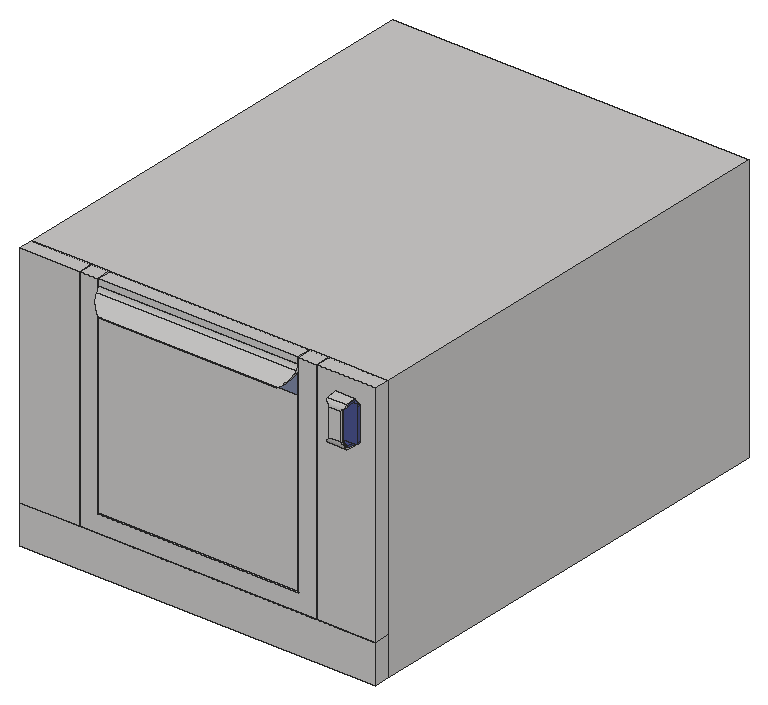
Revit family "QF_ELECTROLUXPROFESSIONAL_588656_MB4CCAFOAO", category Attrezzature speciali, Revit 2020
Family settings
  Quota connettore circolare = Usa diametro
  Tipo di parte = Normale
  Basato su piano di lavoro = No
  Sempre verticale = Sì
  Taglio con vuoti quando caricato = No
  Condiviso = No
  Punto di calcolo locali = No
Parameters (values of type "Standard")
  Weight = 23.00 kg
  Watts = 1000 W
  Volts = 400 V
  URL Manufacturer = "https://www.electroluxprofessional.com/"
  URL = "https://www.electroluxprofessional.com/"
  Steam Supply Size = 0"
  Steam Supply Minimum Pressure = 0.00 psi
  Steam Supply Maximum Pressure = 0.00 psi
  Steam Consumption per Hour = 0
  Refrigeration Suction Line Size = 0 mm
  Refrigeration Liquid Line Size = 0 mm
  Refrigerant Compressor Remote = yes
  Prospetto di default = 0 mm
  Phase = 3
  Modello = "MB4CCAFOAO"
  Produttore = "Electrolux Professional"
  Length Actual = 600 mm  # constant formula
  Item Number = "588656"
  Hot Water Size = 0"
  Height Actual = 450 mm  # constant formula
  HP = "1.3 HP"
  Gas Size = 0"
  Gas KW = 0
  Gas Input Pressure = 0.0 Btu/h
  Direct Waste Size = 0"
  Descrizione = "EL.WARMING CAB,GN,1 DOOR,1S,600X850X450H"
  Depth Actual = 850 mm  # constant formula
  Cycle = 50 Hz
  Condensate Return Size = 0"
  Compressed Air Volume = 0 GPM
  Compressed Air Size = 0"
  Compressed Air Pressure = 0.00 psi
  Cold Water Size = 0"
  Accessory = yes
Reference planes
  plane 1 "BACK": y = 0
  plane 2: z = 0
  plane 3 "LEFT": x = 0
  plane 4 "RIGHT": x = 600
  plane 5 "FRONT": y = -850
  plane 6 "PLAIN": z = 900
  plane 7 "Center (Left/Right)": x = 300
  plane 8 "Center (Front/Back)": y = -425
  plane 9 "TOP": z = 650
  plane 10 "BASE": z = 200
  plane 11: x = 522
  plane 12: x = 78
  plane 13 "Feet_back": y = -150
  plane 14 "Feet_Front": y = -720
  plane 15: x = 100
  plane 16: x = 500
  plane 17: z = 265
  plane 18: y = -45
  plane 19: y = -805
  plane 20: y = -70
  plane 21: y = -830
  plane 22 "ButtonX": x = 550
  plane 23 "ButtonZ": z = 590
  plane 24 "EIy": y = -537.367
  plane 25 "EIx": x = 579.018
Forms (mm)
  Extrusion 1, solid, material "QF_Finishes_Stainless Steel"
    sketch origin (0, 0, 650) x (0, 1, 0) y (0, 0, 1)
      loop
        line (-45, -450) -> (-45, 0) -> (-805, 0) -> (-805, -450) -> (-45, -450)
    from 0 to 600
  Extrusion 2, solid, material "QF_Finishes_Stainless Steel"
    sketch origin (0, 0, 650) x (0, 1, 0) y (0, 0, 1)
      loop
        line (-830, -450) -> (-805, -450) -> (-805, -385) -> (-830, -385) -> (-830, -450)
    from 0 to 600
  Extrusion 3, void
    sketch origin (0, -850, 0) x (1, 0, 0) y (0, 0, 1)
      loop
        line (100, 650) -> (100, 265) -> (500, 265) -> (500, 650) -> (100, 650)
    from 0 to -780
  Extrusion 4, solid, material "QF_Finishes_Stainless Steel"
    sketch origin (0, -850, 0) x (1, 0, 0) y (0, 0, 1)
      loop
        line (130, 650) -> (130, 627) -> (470, 627) -> (470, 650) -> (130, 650)
    from -45 to -805
  Extrusion 5, solid, material "QF_Finishes_Stainless Steel"
    sketch origin (0, -850, 0) x (1, 0, 0) y (0, 0, 1)
      loop
        line (100, 650) -> (100, 265) -> (500, 265) -> (500, 650) -> (470, 650) -> (470, 295) -> (130, 295) -> (130, 650) -> (100, 650)
    from -45 to -780
  Extrusion 6, solid, material "QF_Finishes_Stainless Steel"
    sketch origin (0, -850, 0) x (1, 0, 0) y (0, 0, 1)
      loop
        line (0, 650) -> (0, 265) -> (100, 265) -> (100, 650) -> (0, 650)
    from -20 to -45
  Extrusion 7, solid, material "QF_Finishes_Stainless Steel"
    sketch origin (0, -850, 0) x (1, 0, 0) y (0, 0, 1)
      loop
        line (500, 650) -> (500, 265) -> (600, 265) -> (600, 650) -> (500, 650)
    from -20 to -45
  Extrusion 8, solid, material "QF_Finishes_Stainless Steel"
    sketch origin (0, 0, 200) x (-1, 0, 0) y (0, -1, 0)
      loop
        circle (-579.018, 537.367) r 10
    from 0 to -5
  Extrusion 9, solid, material "QF_Finishes_Stainless Steel"
    sketch origin (220, -850, 0) x (1, 0, 0) y (0, 0, 1)
      loop
        line (-120, 650) -> (-120, 265) -> (280, 265) -> (280, 650) -> (250, 650) -> (250, 295) -> (-90, 295) -> (-90, 650) -> (-120, 650)
    from -20 to -45
Cuts and joins
  Extrusion 3 cuts Extrusion 1
  joined: Extrusion 1, Extrusion 4, Extrusion 5
Lines and regions (mm)
  symbolic lines, style "SpecialityEquipmentHiddenLines"
    curve 1: line (0, 0, 0) -> (600, 0, 0)
    curve 2: line (0, -850, 0) -> (0, 0, 0)
    curve 3: line (600, -850, 0) -> (0, -850, 0)
    curve 4: line (600, 0, 0) -> (600, -850, 0)
Dimensions and locks
  plane 3 "LEFT" to plane 4 "RIGHT" = 600 mm
  plane 5 "FRONT" to plane 1 "BACK" = 850 mm
  equal spacing: plane 3 "LEFT", plane 7 "Center (Left/Right)", plane 4 "RIGHT"
  equal spacing: plane 5 "FRONT", plane 8 "Center (Front/Back)", plane 1 "BACK"
  plane 6 "PLAIN" to plane 9 "TOP" = 250 mm
  plane 10 "BASE" to level = 200 mm
  plane 9 "TOP" to plane 10 "BASE" = 450 mm
  locked: plane 1 "BACK" to plane 13 "Feet_back" at 150
  locked: plane 14 "Feet_Front" to plane 5 "FRONT" at 130
  locked: plane 12 to plane 3 "LEFT" at 78
  locked: plane 11 to plane 4 "RIGHT" at 78
  plane 16 to plane 15 = 400 mm
  equal spacing: plane 16, plane 7 "Center (Left/Right)", plane 15
  locked: plane 17 to plane 10 "BASE" at 65
  locked: plane 1 "BACK" to plane 18 at 45
  plane 9 "TOP" to Extrusion 4 sketch curve = 23 mm
  locked: Extrusion 4 sketch curve to plane 15 at 30
  locked: plane 16 to Extrusion 4 sketch curve at 30
  locked: Extrusion 5 sketch curve to plane 17 at 30
  plane 6 "PLAIN" to level = 900 mm
  Extrusion 5 to Extrusion 5 = 340 mm
  locked: plane 18 to plane 20 at 25
  locked: plane 21 to plane 5 "FRONT" at 20
  locked: plane 19 to plane 21 at 25
  plane 18 to plane 21 = 785 mm
  plane 22 "ButtonX" to plane 4 "RIGHT" = 50 mm
  plane 23 "ButtonZ" to level = 590 mm
  aligned and locked: level to plane 2
  aligned and locked: Extrusion 1 to plane 4 "RIGHT"
  aligned and locked: Extrusion 1 to plane 3 "LEFT"
  aligned and locked: Extrusion 2 to plane 4 "RIGHT"
  aligned and locked: plane 9 "TOP" to Extrusion 3 sketch curve
  aligned and locked: Extrusion 3 sketch curve to plane 15
  aligned and locked: plane 16 to Extrusion 3 sketch curve
  aligned and locked: Extrusion 2 to plane 10 "BASE"
  aligned and locked: Extrusion 2 to plane 17
  aligned and locked: plane 17 to Extrusion 3 sketch curve
  aligned and locked: Extrusion 4 to plane 18
  aligned and locked: Extrusion 5 sketch curve to plane 15
  aligned and locked: plane 16 to Extrusion 5 sketch curve
  aligned and locked: plane 9 "TOP" to Extrusion 5 sketch curve  (x2)
  aligned and locked: plane 17 to Extrusion 5 sketch curve
  aligned and locked: Extrusion 5 sketch curve to Extrusion 4  (x2)
  aligned and locked: Extrusion 6 sketch curve to plane 9 "TOP"
  aligned and locked: plane 3 "LEFT" to Extrusion 6 sketch curve
  aligned and locked: Extrusion 6 sketch curve to plane 17
  aligned and locked: Extrusion 6 sketch curve to plane 15
  aligned and locked: Extrusion 7 sketch curve to plane 9 "TOP"
  aligned and locked: plane 16 to Extrusion 7 sketch curve
  aligned and locked: Extrusion 7 sketch curve to plane 17
  aligned and locked: plane 4 "RIGHT" to Extrusion 7 sketch curve
  aligned and locked: cut or joined group of Extrusion 1, Extrusion 3, Extrusion 4, Extrusion 5 to Extrusion 4
  aligned and locked: plane 7 "Center (Left/Right)" to nested 1
  aligned and locked: Extrusion 5 to plane 20
  aligned and locked: cut or joined group of Extrusion 1, Extrusion 3, Extrusion 4, Extrusion 5 to plane 20
  aligned and locked: cut or joined group of Extrusion 1, Extrusion 3, Extrusion 4, Extrusion 5 to plane 18
  aligned and locked: plane 19 to Extrusion 4
  aligned and locked: Extrusion 6 to plane 19
  aligned and locked: plane 21 to Extrusion 6
  aligned and locked: plane 21 to Extrusion 7
  aligned and locked: Extrusion 7 to plane 19
  aligned and locked: Extrusion 2 to plane 19
  aligned and locked: plane 21 to Extrusion 2
  aligned and locked: plane 23 "ButtonZ" to nested 2
  aligned and locked: nested 2 to plane 21
  aligned and locked: plane 22 "ButtonX" to nested 2
  aligned and locked: plane 19 to cut or joined group of Extrusion 1, Extrusion 3, Extrusion 4, Extrusion 5
  aligned and locked: Extrusion 9 sketch curve to plane 17
Automatic sketch dimensions
  curve 3 to plane 3 "LEFT" = 0 mm
  curve 3 to plane 4 "RIGHT" = 0 mm
  plane 5 "FRONT" to curve 3 = 0 mm
  plane 1 "BACK" to curve 2 = 0 mm
  Extrusion 1 sketch curve to plane 10 "BASE" = 0 mm
  Extrusion 1 sketch curve to plane 19 = 0 mm
  Extrusion 1 sketch curve to plane 18 = 0 mm
  Extrusion 1 sketch curve to plane 9 "TOP" = 0 mm
  plane 17 to Extrusion 2 sketch curve = 0 mm
  Extrusion 2 sketch curve to plane 21 = 0 mm
  Extrusion 2 sketch curve to plane 10 "BASE" = 0 mm
  Extrusion 2 sketch curve to plane 19 = 0 mm
  Extrusion 4 sketch curve to plane 9 "TOP" = 0 mm
  Extrusion 8 sketch curve to plane 24 "EIy" = 0 mm
  Extrusion 8 sketch curve to plane 25 "EIx" = 0 mm
  Extrusion 9 sketch curve to plane 15 = 0 mm
  Extrusion 9 sketch curve to plane 9 "TOP" = 0 mm  (x2)
  Extrusion 9 sketch curve to plane 16 = 0 mm
  plane 15 to Extrusion 9 sketch curve = 30 mm
  Extrusion 9 sketch curve to plane 16 = 30 mm
  Extrusion 9 sketch curve to plane 17 = 30 mm
  radius of Extrusion 8 sketch curve = 10 mm
Nested families
  nested 1: "H450_1DOOR" at (263.958, -805, 200) x (1, 0, 0) z (0, -1, 0), type "H450_1DOOR"
    with Width 340 mm, Show Clearance yes
  nested 2: "Range Control Handle" at (550, -833.137, -381.092), type "Range Control Handle"
Connectors
  electrical at (579.018, -537.367, 195), driven by "Volts"
    settings: on Extrusion 8, index 1, voltage 400 V, apparent load 0 VA, apparent load phase1 0 VA, apparent load phase2 0 VA, apparent load phase3 0 VA, power factor 1, load classification "Other", number of poles 1, system type 30, power factor state 1, is connector primary yes, connector utility no, sub classification motor no, connector description "Electrical Connection"
Definition of nested family "H450_1DOOR"
  Parameters
    Width [instance] = 340 mm
    Show Clearance [instance] = yes
    Model = "727995"
    Height = 450 mm
    Default Elevation = 0 mm
  Reference planes
    plane 1 "Center (Front/Back)": y = 0
    plane 2: z = 0
    plane 3 "Center (Left/Right)": x = 36.042
    plane 4 "panel": z = 25
    plane 5: x = -133.958
    plane 6: x = 206.042
    plane 7: y = 450
    plane 8: z = 340
    plane 9: z = 45
    plane 10: x = -108.958
  Forms (mm)
    Extrusion 1, solid
      sketch origin (0, -919.2, 0) x (1, 0, 0) y (0, 1, 0)
        loop
          line (-980.5, 2119.2) -> (-980.5, -162.846) -> (881.94, -162.846) -> (881.94, 2119.2) -> (-980.5, 2119.2)
      from 0 to -59.546
    Extrusion 2, solid
      sketch origin (0, 0, 0) x (1, 0, 0) y (0, 1, 0)
        loop
          line (-131.958, 97) -> (204.042, 97) -> (204.042, 393) -> (-131.958, 393) -> (-131.958, 97)
      from 0 to 25
    Extrusion 3, solid
      sketch origin (0, 0, 0) x (1, 0, 0) y (0, 1, 0)
        loop
          line (-131.958, 393) -> (204.042, 393) -> (204.042, 440) -> (-131.958, 440) -> (-131.958, 393)
      from 0 to 25
    Extrusion 4, solid
      sketch origin (36.042, 0, 0) x (0, 1, 0) y (0, 0, 1)
        loop
          line (426.693, 25) -> (440.02, 25)
          arc (440.02, 25) -> (435.261, 25.775) -> (430.993, 28.02) r 15
          line (430.993, 28.02) -> (406.653, 46.362) -> (403.644, 42.369) -> (426.693, 25)
      from -168 to 168
    Extrusion 5, void
      sketch origin (72.084, 0, 0) x (-1, 0, 0) y (0, -1, 0)
        loop
          line (204.042, -426.693) -> (204.042, -403.644) -> (180.317, -403.644)
          arc (180.317, -403.644) -> (194.508, -412.772) -> (204.042, -426.693) r 42.603
      from 25 to 47.9
    Extrusion 6, solid
      sketch origin (0, 0, 0) x (1, 0, 0) y (0, 1, 0)
        loop
          line (-131.958, 440) -> (204.042, 440) -> (204.042, 450) -> (-131.958, 450) -> (-131.958, 440)
      from 0 to 25
    Extrusion 7, void
      sketch origin (0, 0, 0) x (1, 0, 0) y (0, 1, 0)
        loop
          arc (204.042, 426.693) -> (194.508, 412.772) -> (180.317, 403.644) r 42.603
          line (180.317, 403.644) -> (204.042, 403.644) -> (204.042, 426.693)
      from 25 to 47.9
    Extrusion 8, solid, detail levels coarse
      sketch origin (0, 0, 0) x (1, 0, 0) y (0, 0, 1)
        loop
          line (-133.958, 340) -> (-133.958, 25) -> (206.042, 25)
          arc (206.042, 25) -> (107.107, 241.065) -> (-108.958, 340) r 340.918
          line (-108.958, 340) -> (-133.958, 340)
      from -450 to -97
  Cuts and joins
    Extrusion 5, Extrusion 7 cuts Extrusion 4
    Extrusion 7 cuts Extrusion 3
  Lines and regions (mm)
    symbolic lines
      curve 1: line (-133.958, 0, 340) -> (-133.958, 0, 45)
      curve 2: arc (203.986, 0, 44.931) -> (99.919, 0, 248.045) -> (-108.958, 0, 340) r 340.918
      curve 3: line (-108.958, 0, 45) -> (-108.958, 0, 340)
      curve 4: line (-108.958, 0, 340) -> (-133.958, 0, 340)
  Dimensions and locks
    plane 4 "panel" to level = 25 mm
    "Width": plane 5 to plane 6
    equal spacing: plane 5, plane 3 "Center (Left/Right)", plane 6
    "Height": plane 1 "Center (Front/Back)" to plane 7
    locked: plane 5 to Extrusion 2 sketch curve at 2
    locked: plane 1 "Center (Front/Back)" to Extrusion 2 sketch curve at 97
    locked: plane 7 to Extrusion 2 sketch curve at 57
    Extrusion 3 sketch curve to Extrusion 2 = 47 mm
    locked: Extrusion 2 sketch curve to plane 6 at 2
    "Width": Extrusion 1 to plane 8
    locked: plane 10 to plane 5 at 25
    aligned and locked: plane 2 to Extrusion 1
    aligned and locked: level to Extrusion 1
    aligned and locked: plane 4 "panel" to Extrusion 2
    aligned and locked: plane 4 "panel" to Extrusion 3
    aligned and locked: Extrusion 4 to Extrusion 3
    aligned and locked: Extrusion 3 to Extrusion 4
    aligned and locked: Extrusion 3 to Extrusion 2
    aligned and locked: cut or joined group of Extrusion 4, Extrusion 5, Extrusion 7 to plane 4 "panel"
    aligned and locked: plane 7 to Extrusion 6 sketch curve
    aligned and locked: plane 4 "panel" to Extrusion 6
    aligned and locked: Extrusion 2 to Extrusion 6
    aligned and locked: Extrusion 7 sketch curve to Extrusion 2
    aligned and locked: Extrusion 2 to cut or joined group of Extrusion 4, Extrusion 5, Extrusion 7
    aligned and locked: plane 5 to Extrusion 8 sketch curve
    aligned and locked: plane 4 "panel" to Extrusion 8 sketch curve
    aligned and locked: plane 7 to Extrusion 8
    aligned and locked: Extrusion 2 to Extrusion 8
  Automatic sketch dimensions
    Extrusion 1 sketch curve to Extrusion 1 sketch curve = 1862.44 mm
    Extrusion 1 sketch curve to Extrusion 1 sketch curve = 2282.046 mm
    plane 5 to Extrusion 3 sketch curve = 2 mm
    Extrusion 3 sketch curve to plane 6 = 2 mm
    Extrusion 3 sketch curve to Extrusion 3 sketch curve = 47 mm
    Extrusion 4 sketch curve to plane 4 "panel" = 0 mm
    plane 4 "panel" to Extrusion 4 sketch curve = 17.369 mm
    Extrusion 4 sketch curve to plane 7 = 46.356 mm
    plane 4 "panel" to Extrusion 4 sketch curve = 21.362 mm
    Extrusion 4 sketch curve to Extrusion 4 sketch curve = 3.009 mm
    plane 4 "panel" to Extrusion 4 sketch curve = 3.02 mm
    Extrusion 4 sketch curve to Extrusion 4 sketch curve = 9.027 mm
    plane 7 to Extrusion 5 sketch curve = 6.671 mm
    Extrusion 5 sketch curve to plane 5 = 41.221 mm
    Extrusion 5 sketch curve to plane 5 = 25.725 mm
    Extrusion 5 sketch curve to plane 5 = 2 mm
    plane 7 to Extrusion 5 sketch curve = 23.307 mm
    plane 5 to Extrusion 6 sketch curve = 2 mm
    Extrusion 6 sketch curve to plane 6 = 2 mm
    Extrusion 6 sketch curve to plane 7 = 10 mm
    Extrusion 7 sketch curve to Extrusion 7 sketch curve = 23.725 mm
    Extrusion 7 sketch curve to plane 7 = 6.671 mm
    Extrusion 7 sketch curve to plane 6 = 41.221 mm
    Extrusion 7 sketch curve to plane 7 = 23.307 mm
    curve 4 to plane 5 = 0 mm
    curve 3 to plane 8 = 0 mm
    plane 10 to curve 4 = 0 mm
    curve 2 to level = 0 mm
    curve 1 to plane 9 = 0 mm
    curve 3 to plane 9 = 0 mm
    curve 2 to plane 9 = 0.069 mm
    curve 2 to plane 5 = 0 mm
    Extrusion 8 sketch curve to level = 0 mm
    Extrusion 8 sketch curve to plane 5 = 0 mm
    Extrusion 8 sketch curve to plane 8 = 0 mm
    Extrusion 8 sketch curve to plane 6 = 0 mm
Definition of nested family "Range Control Handle"
  Parameters
    Default Elevation = 0 mm
  Reference planes
    plane 1 "Center (Front/Back)": y = 0
    plane 2: z = 0
    plane 3 "Center (Left/Right)": x = 0
    plane 4: z = 971.092
    plane 5: y = -16.9
  Forms (mm)
    Extrusion 1, solid
      sketch origin (-746.28, 380.497, 208.931) x (-1, 0, 0) y (0, 0, 1)
        loop
          line (-770.101, 786.798) -> (-770.101, 731.649)
          arc (-770.101, 731.649) -> (-769.759, 730.563) -> (-768.855, 729.87) r 1.893
          line (-768.855, 729.87) -> (-763.474, 727.911) -> (-729.81, 727.911) -> (-724.428, 729.87)
          arc (-724.428, 729.87) -> (-723.525, 730.563) -> (-723.183, 731.649) r 1.893
          line (-723.183, 731.649) -> (-723.183, 786.798)
          arc (-723.183, 786.798) -> (-723.529, 787.894) -> (-724.44, 788.593) r 1.91
          line (-724.44, 788.593) -> (-729.683, 790.819) -> (-763.601, 790.819) -> (-768.844, 788.593)
          arc (-768.844, 788.593) -> (-769.755, 787.894) -> (-770.101, 786.798) r 1.91
      from -382.35 to -378.852
    Sweep 2, solid
      path origin (-746.788, 380.496, 208.091) x (0, -1, 0) y (0, 0, 1)
        loop
          line (379.775, 793.281) -> (395.661, 791.048)
          arc (395.661, 791.048) -> (397.781, 787.377) -> (398.517, 783.202) r 12.207
          line (398.517, 783.202) -> (398.517, 737.368)
          arc (398.517, 737.368) -> (397.781, 733.193) -> (395.661, 729.522) r 12.207
          line (395.661, 729.522) -> (379.775, 727.289)
      profile origin (-746.788, -7.222, 1000.256) x (0, -0.139173, 0.990268) y (-1, 0, 0)
        loop
          line (0.782, -763.123) -> (0.782, -730.907) -> (-1.322, -730.907) -> (-1.322, -763.123) -> (0.782, -763.123)
    Sweep 3, solid
      path origin (-746.788, 380.715, 207.832) x (0, -1, 0) y (0, 0, 1)
        loop
          line (380.478, 795.442) -> (397.218, 793.09)
          arc (397.218, 793.09) -> (399.929, 788.473) -> (400.871, 783.202) r 15.207
          line (400.871, 783.202) -> (400.871, 737.584)
          arc (400.871, 737.584) -> (399.914, 732.274) -> (397.164, 727.633) r 15.207
          line (397.164, 727.633) -> (380.601, 725.305)
      profile origin (-746.788, -8.132, 1002.099) x (0, -0.139173, 0.990268) y (-1, 0, 0)
        loop
          line (0.782, -763.123) -> (0.782, -730.907) -> (-1.322, -730.907) -> (-1.322, -763.123) -> (0.782, -763.123)
    Extrusion 4, void
      sketch origin (889.253, 220.666, 207.993) x (1, 0, 0) y (0, 0, 1)
        loop
          line (-943.038, 816.854) -> (-943.038, 703.686) -> (-899.466, 734.196) -> (-899.466, 786.344) -> (-943.038, 816.854)
      from 230.636 to 242.25
    Extrusion 5, void
      sketch origin (-888.8, 220.666, 207.993) x (-1, 0, 0) y (0, 0, -1)
        loop
          line (-943.038, -816.854) -> (-899.466, -786.344) -> (-899.466, -734.196) -> (-943.038, -703.686) -> (-943.038, -816.854)
      from 230.636 to 242.25
    Extrusion 6, solid
      sketch origin (0, 0, 0) x (1, 0, 0) y (0, 0, 1)
        loop
          circle (0, 971.092) r 7.736
      from -3.137 to -1.645
  Cuts and joins
    Extrusion 4, Extrusion 5 cuts Sweep 3
    Extrusion 4, Extrusion 5 cuts Sweep 2
    joined: Extrusion 1, Extrusion 6
  Lines and regions (mm)
    symbolic lines
      curve 1: line (16.334, -16.9, 0) -> (16.334, -19.227, 0)
      curve 2: spline (16.334, -19.227, 0) -> (15.87, -19.385, 0) -> (15.404, -19.536, 0) -> (14.936, -19.678, 0) -> (14.466, -19.813, 0) -> (13.995, -19.94, 0) -> (13.523, -20.059, 0) -> (13.049, -20.171, 0) -> (12.575, -20.274, 0) -> (12.099, -20.37, 0) -> (11.622, -20.458, 0) -> (11.144, -20.537, 0) -> (10.666, -20.609, 0)
      curve 3: line (10.666, -16.9, 0) -> (10.666, -20.938, 0)
      curve 4: line (-10.213, -20.938, 0) -> (10.666, -20.938, 0)
      curve 5: line (-10.213, -20.938, 0) -> (-10.213, -16.9, 0)
      curve 6: spline (-10.213, -20.609, 0) -> (-10.691, -20.537, 0) -> (-11.169, -20.458, 0) -> (-11.646, -20.37, 0) -> (-12.122, -20.274, 0) -> (-12.597, -20.171, 0) -> (-13.07, -20.059, 0) -> (-13.542, -19.94, 0) -> (-14.013, -19.813, 0) -> (-14.483, -19.678, 0) -> (-14.951, -19.536, 0) -> (-15.417, -19.385, 0) -> (-15.881, -19.227, 0)
      curve 7: line (-15.881, -19.227, 0) -> (-15.881, -16.9, 0)
